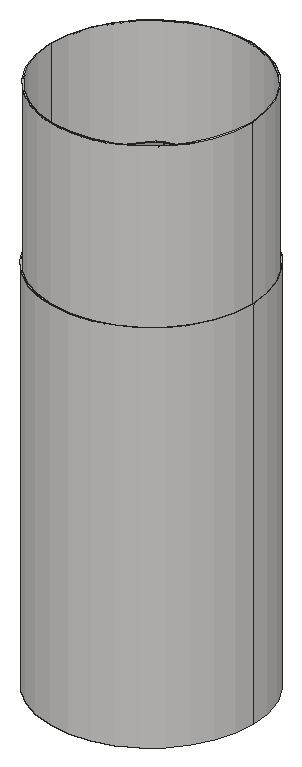
Revit family "Cilando Plus", category Generic Models, Revit 2012
Parameters
  Venting Properties = "800 MC/H"
  Switches for hood [instance] = Hood Switches
  Stainless Steel Hood material [instance] = Stainless Steel Hood Material
  Frame material [instance] = Frame material
  Availability = "www.rest-agio.com"
Reference planes (cm)
  plane 1 "Center (Front/Back)": y = 0
  plane 2: z = 0
  plane 3 "Center (Left/Right)": x = 0
Forms (cm)
  Extrusion 1, solid, material "Hood Switches" <- "Switches for hood"
    sketch origin (0, 0, -15) x (1, 0, 0) y (0, 1, 0)
      loop
        circle (0, 0) r 7.5
      loop
        circle (0, 0) r 7.16
    from 256.6636 to 275
  Extrusion 2, solid, material "Stainless Steel Hood Material" <- "Stainless Steel Hood material"
    sketch origin (0, 0, 0) x (1, 0, 0) y (0, 1, 0)
      loop
        circle (0, 0) r 19.875
      loop
        circle (0, 0) r 19.715
    from 170 to 243
  Extrusion 3, solid, material "Stainless Steel Hood Material" <- "Stainless Steel Hood material"
    sketch origin (0, 0, 14.32) x (1, 0, 0) y (0, 1, 0)
      loop
        circle (0, 0) r 19.44
      loop
        circle (0, 0) r 19.6
    from 228 to 260
  Extrusion 4, solid, material "Stainless Steel Hood Material" <- "Stainless Steel Hood material"
    sketch origin (0, 0, 0) x (1, 0, 0) y (0, 1, 0)
      loop
        arc (19.6219, 0) -> (0.0072, 19.5111) -> (-19.6076, 0) r 19.615
        arc (-19.6076, 0) -> (0.0072, -19.5111) -> (19.6219, 0) r 19.615
    from 174 to 174.5826
  Extrusion 5, solid, material "Frame material" <- "Frame material"
    sketch origin (0, 0, 0) x (1, 0, 0) y (0, 1, 0)
      loop
        line (12, -12) -> (12, 12) -> (-12, 12) -> (-12, 0) -> (-12, -12) -> (12, -12)
      loop
        line (10, -10) -> (10, 10) -> (-10, 10) -> (-10, -10) -> (10, -10)
    from 173.5 to 174
  Extrusion 6, solid, material "Stainless Steel Hood Material" <- "Stainless Steel Hood material"
    sketch origin (0, 0, 0) x (1, 0, 0) y (0, 1, 0)
      loop
        line (10, 10) -> (-10, 10) -> (-10, -10) -> (10, -10) -> (10, 10)
    from 173.7 to 173.9
Dimensions and locks (cm)
  Extrusion 2 to level = 170 cm
  Extrusion 3 to Extrusion 2 = 104.32 cm
  aligned and locked: plane 2 to level
Nested families (cm)
  nested 1: "CookingHood_Light" at (15.8187, -0.0676, 36.6849), type "CookingHood_Light"
  nested 2: "CookingHood_Light" at (-15.8187, -0.0676, 36.6849) x (-1, 0, 0) z (0, 0, 1), type "CookingHood_Light"
Definition of nested family "CookingHood_Light"
  Parameters (values of type "CookingHood_Light")
    Wattage = 5.38568 W
    built-in parameter 1150110 = 1 (stored number, unit not read)
    built-in parameter 1114217 = 1 (stored number, unit not read)
    built-in parameter 1150109 = 1 (stored number, unit not read)
    built-in parameter 1150134 = (empty or 0)
    built-in parameter 1150113 = 1 (stored number, unit not read)
    Lumens = 800 lm
    built-in parameter 1010506 = 0.5236 (stored number, unit not read)
    built-in parameter 1010507 = 1.0472 (stored number, unit not read)
    Tilt Angle = 90.00°
    built-in parameter 1150115 = 1 (stored number, unit not read)
    built-in parameter 1150105 = 2674.9 (stored number, unit not read)
    Light Source Symbol Length = 60.96 cm
    built-in parameter 1150137 = (empty or 0)
    built-in parameter 1150139 = (empty or 0)
    built-in parameter 1150112 = 1 (stored number, unit not read)
    built-in parameter 1150114 = 1 (stored number, unit not read)
    built-in parameter 1150132 = 2
    built-in parameter 1150102 = (empty or 0)
    built-in parameter 1150138 = (empty or 0)
    built-in parameter 1150107 = 3000 (stored number, unit not read)
    built-in parameter 1150106 = 26.749 (stored number, unit not read)
    built-in parameter 1150104 = 13.8 (stored number, unit not read)
    Dimming Lamp Color Temperature Shift = (empty or 0)
    Color Filter = 16777215
    built-in parameter 1114218 = 1 (stored number, unit not read)
    built-in parameter 1150133 = 10 (stored number, unit not read)
  Reference planes (cm)
    plane 1 "Tilt Plane": y = 0
    plane 2: z = 0
    plane 3 "Light Source Axis (L/R)": x = 0
    plane 4 "Light Source Elevation": z = 137.16
  Forms (cm)
    Revolve 1, solid
      sketch origin (0, 0, 0) x (1, 0, 0) y (0, 0, 1)
        loop
          line (-1.7393, 137.3151) -> (-1.905, 137.3151) -> (-1.905, 137.16) -> (-1.5875, 137.16)
          arc (-1.5875, 137.16) -> (-1.1225, 138.2825) -> (0, 138.7475) r 1.5875
          line (0, 138.7475) -> (0, 138.9062)
          arc (0, 138.9062) -> (-1.1787, 138.4485) -> (-1.7393, 137.3151) r 1.7463
        axis (0, 137.16) -> (0, 138.9062)
      angle from 0 to 360
  Text (cm)
    text "0 Tilt Angle" at (80.9978, -457.2, 158.6413), in view "Front"
    text "270" at (-33.1585, -457.2, 248.8248), in view "Front"
    text "180" at (-113.068, -457.2, 158.6413), in view "Front"
    text "90" at (-32.0169, -457.2, 45.6265), in view "Front"
    text "0 Tilt Angle" at (195.2354, 457.2, 154.298), in view "Back"
    text "180" at (-87.6627, 457.2, 152.4796), in view "Back"
    text "270" at (36.7014, 457.2, 269.8908), in view "Back"
    text "90" at (30.4215, 457.2, 66.6926), in view "Back"
  Dimensions and locks (cm)
    locked: plane 3 "Light Source Axis (L/R)" to Revolve 1 sketch curve at 1.905
    aligned and locked: plane 3 "Light Source Axis (L/R)" to imposter light
    aligned and locked: plane 1 "Tilt Plane" to imposter light
    aligned and locked: plane 4 "Light Source Elevation" to imposter light
    aligned and locked: imposter light to Revolve 1 sketch curve
